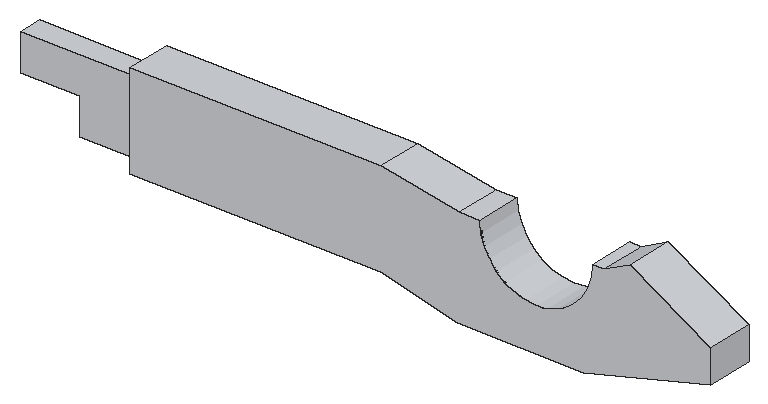
Revit family "抱头梁2", category 常规模型, Revit 2022
Family settings
  可将钢筋附着到主体 = 否
  圆形连接件大小 = 使用直径
  零件类型 = 标准
  基于工作平面 = 否
  总是垂直 = 是
  加载时剪切的空心 = 否
  保持注释方向 = 否
  共享 = 否
  房间计算点 = 否
Parameters
  默认高程 = 0 mm
  挑檐檩直径 [instance] = 170 mm
  抱头梁榫卯长 [instance] = 90 mm
  抱头梁榫卯宽 [instance] = 36.364 mm
  抱头梁高 [instance] = 50 mm
  抱头梁长 [instance] = 758 mm
  抱头梁榫卯高 [instance] = 55 mm
  抱头梁左高 [instance] = 142.733 mm
  抱头梁宽 [instance] = 70 mm
Reference planes
  plane 1 "中心(前/后)": y = 0
  plane 2: z = 0
  plane 3 "中心(左/右)": x = 0
Forms (mm)
  Extrusion 1, solid
    sketch origin (0.756, 0, 0) x (1, 0, 0) y (0, 0, 1)
      loop
        line (11.18, 2455.617) -> (-367.593, 2455.617) -> (-367.593, 2312.884) -> (11.833, 2312.884) -> (128.269, 2283.854) -> (318.466, 2283.854) -> (511.651, 2335.617) -> (511.651, 2385.617) -> (390.407, 2455.617) -> (349.553, 2434.78) -> (129.357, 2434.78) -> (11.18, 2455.617)
    from 0 to 70
  Extrusion 2, solid
    sketch origin (2.162, 0, 0) x (1, 0, 0) y (0, 0, 1)
      loop
        line (-368.998, 2434.78) -> (-547.593, 2434.78) -> (-547.593, 2379.78) -> (-457.593, 2379.78) -> (-457.593, 2324.78) -> (-368.998, 2324.78) -> (-368.998, 2434.78)
    from 17.771 to 54.135
  Extrusion 3, void
    sketch origin (0, 0, 0) x (1, 0, 0) y (0, 0, 1)
      loop
        circle (247.799, 2434.78) r 85
    from 0 to 70
Cuts and joins
  Extrusion 3 cuts Extrusion 1
  Extrusion 3 cuts Extrusion 2
  joined: Extrusion 1, Extrusion 2
Dimensions and locks
  "抱头梁长": Extrusion 1 sketch curve to Extrusion 1 sketch curve
  "抱头梁高": Extrusion 1 sketch curve to Extrusion 1 sketch curve
  "抱头梁左高": Extrusion 1 sketch curve to Extrusion 1 sketch curve
  "抱头梁宽": Extrusion 1 to Extrusion 1
  "抱头梁榫卯高": cut or joined group of Extrusion 1, Extrusion 2, Extrusion 3 to cut or joined group of Extrusion 1, Extrusion 2, Extrusion 3
  "抱头梁榫卯宽": cut or joined group of Extrusion 1, Extrusion 2, Extrusion 3 to cut or joined group of Extrusion 1, Extrusion 2, Extrusion 3
  "抱头梁榫卯长": cut or joined group of Extrusion 1, Extrusion 2, Extrusion 3 to cut or joined group of Extrusion 1, Extrusion 2, Extrusion 3
  "挑檐檩直径": diameter of Extrusion 3 sketch curve
  aligned and locked: level to plane 2
Automatic sketch dimensions
  Extrusion 2 sketch curve to plane 3 "中心(左/右)" = 545.431 mm
  Extrusion 2 sketch curve to Extrusion 2 sketch curve = 90 mm
  level to Extrusion 2 sketch curve = 2324.78 mm
  Extrusion 2 sketch curve to Extrusion 2 sketch curve = 55 mm  (x2)
  Extrusion 2 sketch curve to Extrusion 2 sketch curve = 88.595 mm
  Extrusion 1 sketch curve to plane 3 "中心(左/右)" = 366.836 mm
  plane 3 "中心(左/右)" to Extrusion 1 sketch curve = 11.936 mm
  plane 3 "中心(左/右)" to Extrusion 1 sketch curve = 12.59 mm
  Extrusion 1 sketch curve to Extrusion 1 sketch curve = 116.435 mm
  Extrusion 1 sketch curve to Extrusion 1 sketch curve = 118.177 mm
  Extrusion 1 sketch curve to Extrusion 1 sketch curve = 71.942 mm
  Extrusion 1 sketch curve to Extrusion 1 sketch curve = 40.854 mm
  Extrusion 1 sketch curve to Extrusion 1 sketch curve = 121.244 mm
  level to Extrusion 1 sketch curve = 2283.854 mm
  Extrusion 1 sketch curve to Extrusion 1 sketch curve = 29.031 mm
  Extrusion 1 sketch curve to Extrusion 1 sketch curve = 51.764 mm
  Extrusion 1 sketch curve to Extrusion 1 sketch curve = 150.926 mm
  Extrusion 1 sketch curve to Extrusion 1 sketch curve = 20.838 mm
  plane 3 "中心(左/右)" to Extrusion 3 sketch curve = 247.799 mm
  level to Extrusion 3 sketch curve = 2434.78 mm
